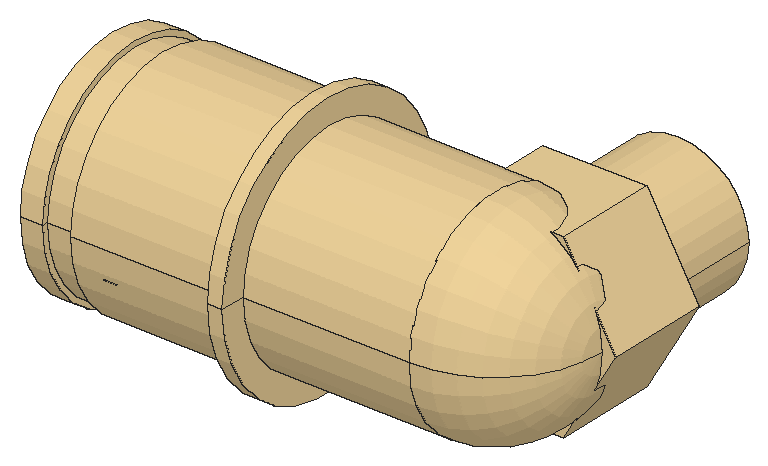
Revit family "ABC-PEX_Фитинг_Колено-штуцер с наружной резьбой", category Соединительные детали трубопроводов, Revit 2019
Family settings
  Размер круглого соединителя = Использовать диаметр
  Тип детали = Отвод
  На основе рабочей плоскости = Нет
  Всегда вертикально = Нет
  При загрузке вырезать с полостями = Нет
  Общий = Да
Parameters
  Таблица выбора = "ABC-PEX_Фитинг_Колено-штуцер с наружной резьбой"  # constant formula
  Материал_Корпус = Латунь
  z1 [instance] = size_lookup(Таблица выбора, "z", 30 mm, DN1, DN2)  # 37 mm
  b [instance] = size_lookup(Таблица выбора, "b", 30 mm, DN1, DN2)  # 37 mm
  a [instance] = size_lookup(Таблица выбора, "a", 30 mm, DN1, DN2)  # 64 mm
  S [instance] = 40 mm
  DN2 [instance] = 25 mm
  DN1 [instance] = 32 mm
  ADSK_Примечание = ""
  ADSK_Наименование [instance] = size_lookup(Таблица выбора, "ADSK_Наименование", "Нет в каталоге", DN1, DN2)  # "Колено-штуцер с наружной резьбой DN32x1\""
  ADSK_Масса [instance] = 0
  ADSK_Марка [instance] = size_lookup(Таблица выбора, "ADSK_Марка", "Нет в каталоге", DN1, DN2)  # "ABC-F-5321"
  ADSK_Завод-изготовитель = "Agpipe"  # constant formula
Reference planes
  plane 1 "По центру (Вперед/Назад)": y = 0
  plane 2: z = 0
  plane 3 "По центру (Влево/Вправо)": x = 0
  plane 4: x = -64
  plane 5: y = 37
  plane 6: x = -37
  plane 7: y = 18.5
Lines and regions (mm)
  reference lines
    curve 1: line (-37, 0, 0) -> (0, 0, 0)
    curve 2: line (0, 0, 0) -> (0, 18.5, 0)
  symbolic lines, detail levels coarse+medium
    curve 3: line (-64, 0, 0) -> (0, 0, 0)
    curve 4: line (0, 0, 0) -> (0, 37, 0)
Dimensions and locks
  "a": plane 4 to plane 3 "По центру (Влево/Вправо)"
  "b": plane 1 "По центру (Вперед/Назад)" to plane 5
  plane 4 to plane 3 "По центру (Влево/Вправо)" = 64 mm
  "z1": plane 6 to plane 3 "По центру (Влево/Вправо)"
  equal spacing: plane 1 "По центру (Вперед/Назад)", plane 7, plane 5
  aligned and locked: level to plane 2
  aligned and locked: plane 7 to curve 2
  aligned and locked: plane 6 to curve 1
  aligned and locked: plane 6 to nested 1
  aligned and locked: nested 2 to plane 3 "По центру (Влево/Вправо)"
  aligned and locked: nested 2 to plane 1 "По центру (Вперед/Назад)"
  aligned and locked: plane 5 to curve 4
  aligned and locked: plane 4 to curve 3
  aligned and locked: plane 3 "По центру (Влево/Вправо)" to curve 3
Automatic sketch dimensions
  plane 1 "По центру (Вперед/Назад)" to curve 1 = 0 mm
  curve 2 to plane 3 "По центру (Влево/Вправо)" = 0 mm
  plane 1 "По центру (Вперед/Назад)" to curve 3 = 0 mm
Nested families
  nested 1: "ABC-PEX_Фитинг_Надвижная гильза" at (-54, 0, 0) x (-1, 0, 0) z (0, 0, 1), DN <- "DN1", type "ABC-PEX_Фитинг_Надвижная гильза", detail levels fine
    with b 41 mm, a 34 mm, DN 32 mm, ADSK_Наименование "Надвижная гильза DN32", ADSK_Масса 0.028, ADSK_Марка "ABC-F-132"
  nested 2: "Колено" at (0, 0, 0) x (0, -1, 0) z (0, 0, 1), DN1 <- "DN1", DN2 <- "DN2", type "Колено", detail levels fine
    with z1 37 mm, b 37 mm, a 64 mm, S 32 mm, DN2 25 mm, DN1 32 mm, ADSK_Наименование "Колено-штуцер с наружной резьбой DN32x1\"", ADSK_Масса 0, ADSK_Марка "ABC-F-5321"
Connectors
  piping at (-37, 0, 0), diameter 32, driven by "DN1"
    settings: on curve 1, index 1, connector inside diameter 609.6 mm, connector length 0 mm, flow factor 0, pipe flow 0.0 L/s, pressure drop 0.0 Pa, fitting loss kfactor 0, connector angle 0.00°, fixture units 0, engagement length 0 mm, angle of deflection 0.00°, flow configuration 0, flow direction 0, fitting loss method 0, system type 28, joint type 0, gender type 0, connector reference index 2, connector utility 0, adjustable connector no, is connector primary yes, connector description ""
  piping at (0, 18.5, 0), diameter 25, driven by "DN2"
    settings: on curve 2, index 2, connector inside diameter 609.6 mm, connector length 0 mm, flow factor 0, pipe flow 0.0 L/s, pressure drop 0.0 Pa, fitting loss kfactor 0, connector angle 90.00°, fixture units 0, engagement length 0 mm, angle of deflection 0.00°, flow configuration 0, flow direction 0, fitting loss method 0, system type 28, joint type 0, gender type 0, connector reference index 1, connector utility 0, adjustable connector no, is connector primary no, connector description ""
Definition of nested family "ABC-PEX_Фитинг_Надвижная гильза"
  Parameters (values of type "ABC-PEX_Фитинг_Надвижная гильза")
    Таблица выбора = "ABC-PEX_Фитинг_Надвижная гильза"  # constant formula
    Маткриал_Корпус = none
    b [instance] = size_lookup(Таблица выбора, "b", 30 mm, DN)  # 24 mm
    a [instance] = size_lookup(Таблица выбора, "a", 30 mm, DN)  # 24 mm
    DN [instance] = 16 mm
    ADSK_Примечание = ""
    ADSK_Наименование [instance] = size_lookup(Таблица выбора, "ADSK_Наименование", "Нет в каталоге", DN)  # "Надвижная гильза DN16"
    ADSK_Масса [instance] = size_lookup(Таблица выбора, "ADSK_Масса", 0, DN)  # 0.008
    ADSK_Марка [instance] = size_lookup(Таблица выбора, "ADSK_Марка", "Нет в каталоге", DN)  # "ABC-F-116"
    ADSK_Завод-изготовитель = "Agpipe"  # constant formula
  Reference planes
    plane 1 "По центру (Вперед/Назад)": y = 0
    plane 2: z = 0
    plane 3 "По центру (Влево/Вправо)": x = 0
    plane 4: y = 12
    plane 5: y = -12
    plane 6: x = -12
    plane 7: x = 12
    plane 8: y = 8
    plane 9: y = -8
  Forms (mm)
    Revolve 1, solid, material <- "Маткриал_Корпус"
      sketch origin (0, 0, 0) x (1, 0, 0) y (0, 1, 0)
        loop
          line (-12, 12) -> (-12, 10) -> (12, 10) -> (12, 12) -> (8, 12) -> (8, 11) -> (3, 11) -> (3, 12) -> (-12, 12)
        axis (-12, 0) -> (12, 0)
      angle from 0 to 360
  Lines and regions (mm)
    reference lines
      curve 1: line (-12, 0, 0) -> (12, 0, 0)
  Dimensions and locks
    equal spacing: plane 4, plane 1 "По центру (Вперед/Назад)", plane 5
    "b": plane 4 to plane 5
    equal spacing: plane 6, plane 3 "По центру (Влево/Вправо)", plane 7
    "a": plane 6 to plane 7
    plane 4 to Revolve 1 sketch curve = 2 mm
    equal spacing: plane 9, plane 1 "По центру (Вперед/Назад)", plane 8
    "DN": plane 9 to plane 8
    Revolve 1 sketch curve to Revolve 1 sketch curve to plane 7 = 5 mm locked, 4 mm locked
    Revolve 1 sketch curve to Revolve 1 sketch curve to plane 4 = 1 mm locked, 1 mm locked
    aligned and locked: level to plane 2
    aligned and locked: plane 1 "По центру (Вперед/Назад)" to Revolve 1 sketch curve
    aligned and locked: plane 4 to Revolve 1 sketch curve
    aligned and locked: Revolve 1 sketch curve to plane 4
    aligned and locked: plane 6 to Revolve 1 sketch curve
    aligned and locked: plane 7 to Revolve 1 sketch curve
    aligned and locked: plane 7 to curve 1
    aligned and locked: plane 6 to curve 1
  Automatic sketch dimensions
    plane 1 "По центру (Вперед/Назад)" to curve 1 = 0 mm
    plane 6 to Revolve 1 sketch curve = 5 mm
    Revolve 1 sketch curve to plane 7 = 4 mm
  Connectors
    piping at (-12, 0, 0), diameter 16, driven by "DN"
      settings: on curve 1, index 1, connector inside diameter 609.6 mm, connector length 0 mm, flow factor 0, pipe flow 0.0 L/s, pressure drop 0.0 Pa, fitting loss kfactor 0, connector angle 0.00°, fixture units 0, engagement length 0 mm, angle of deflection 0.00°, flow configuration 0, flow direction 0, fitting loss method 0, system type 28, joint type 0, gender type 0, connector reference index 2, connector utility 0, adjustable connector no, is connector primary yes, connector description ""
    piping at (12, 0, 0), diameter 16, driven by "DN"
      settings: on curve 1, index 2, connector inside diameter 609.6 mm, connector length 0 mm, flow factor 0, pipe flow 0.0 L/s, pressure drop 0.0 Pa, fitting loss kfactor 0, connector angle 0.00°, fixture units 0, engagement length 0 mm, angle of deflection 0.00°, flow configuration 0, flow direction 0, fitting loss method 0, system type 28, joint type 0, gender type 0, connector reference index 1, connector utility 0, adjustable connector no, is connector primary no, connector description ""
Definition of nested family "Колено"
  Parameters (values of type "Колено")
    Таблица выбора = "ABC-PEX_Фитинг_Колено-штуцер с наружной резьбой"  # constant formula
    Материал_Корпус = none
    z1 [instance] = size_lookup(Таблица выбора, "z", 30 mm, DN1, DN2)  # 37 mm
    b [instance] = size_lookup(Таблица выбора, "b", 30 mm, DN1, DN2)  # 37 mm
    a [instance] = size_lookup(Таблица выбора, "a", 30 mm, DN1, DN2)  # 64 mm
    S [instance] = DN2 + 7 mm  # 32 mm
    DN2 [instance] = 25 mm
    DN1 [instance] = 32 mm
    ADSK_Примечание = ""
    ADSK_Наименование [instance] = size_lookup(Таблица выбора, "ADSK_Наименование", "Нет в каталоге", DN1, DN2)  # "Колено-штуцер с наружной резьбой DN32x1\""
    ADSK_Масса [instance] = 0
    ADSK_Марка [instance] = size_lookup(Таблица выбора, "ADSK_Марка", "Нет в каталоге", DN1, DN2)  # "ABC-F-5321"
    ADSK_Завод-изготовитель = "Agpipe"  # constant formula
  Reference planes
    plane 1 "По центру (Вперед/Назад)": y = 0
    plane 2: z = 0
    plane 3 "По центру (Влево/Вправо)": x = 0
    plane 4: x = -37
    plane 5: y = 37
    plane 6: y = 64
    plane 7: x = -16
    plane 8: x = 16
    plane 9: y = 12.5
    plane 10: y = -12.5
    plane 11: y = 3
    plane 12: y = 12.5
    plane 13: y = -12.5
  Forms (mm)
    Revolve 1, solid, material <- "Материал_Корпус"
      sketch origin (0, 0, 0) x (1, 0, 0) y (0, 1, 0)
        loop
          line (11, 64) -> (11, 37) -> (0, 37) -> (0, -16)
          arc (0, -16) -> (13.435, -10.435) -> (19, 3) r 19
          line (19, 3) -> (19, 32.644) -> (23.531, 32.644) -> (23.531, 35.302) -> (19, 35.302) -> (19, 37) -> (16, 37) -> (16, 64) -> (11, 64)
        axis (0, 64) -> (0, -16)
      angle from 0 to 360
    Revolve 2, solid, material <- "Материал_Корпус"
      sketch origin (0, 0, 0) x (1, 0, 0) y (0, 1, 0)
        loop
          line (-37, 12.5) -> (-37, 9.238) -> (0, 9.238) -> (0, 12.5) -> (-37, 12.5)
        axis (-37, 0) -> (0, 0)
      angle from 0 to 360
    Extrusion 3, solid, material <- "Материал_Корпус"
      sketch origin (0, 0, 0) x (0, 1, 0) y (0, 0, 1)
        loop
          line (-9.238, 16) -> (-18.475, 0) -> (-9.238, -16) -> (9.238, -16) -> (18.475, 0) -> (9.238, 16) -> (-9.238, 16)
      from -18.5 to 0
  Dimensions and locks
    "b": plane 4 to plane 3 "По центру (Влево/Вправо)"
    "z1": plane 1 "По центру (Вперед/Назад)" to plane 5
    "a": plane 1 "По центру (Вперед/Назад)" to plane 6
    equal spacing: plane 7, plane 3 "По центру (Влево/Вправо)", plane 8
    "DN1": plane 7 to plane 8
    equal spacing: plane 9, plane 1 "По центру (Вперед/Назад)", plane 10
    "DN2": plane 9 to plane 10
    locked: plane 8 to Revolve 1 sketch curve at 3
    equal spacing: plane 12, plane 1 "По центру (Вперед/Назад)", plane 13
    "DN2": plane 12 to plane 13
    locked: plane 1 "По центру (Вперед/Назад)" to plane 11 at 3
    equal spacing: Extrusion 3 sketch curve, plane 1 "По центру (Вперед/Назад)", Extrusion 3 sketch curve  (x2)
    "S": Extrusion 3 sketch curve to Extrusion 3 sketch curve  (x3)
    equal spacing: Extrusion 3 sketch curve, level, Extrusion 3 sketch curve
    equal spacing: plane 4, Extrusion 3, plane 3 "По центру (Влево/Вправо)"
    locked: Revolve 1 sketch curve to plane 8 at 5
    locked: plane 12 to Revolve 2 sketch curve at 3.262
    locked: Extrusion 3 sketch curve to Extrusion 3 sketch curve (angle 120.00°)  (x3)
    aligned and locked: level to plane 2
    aligned and locked: Revolve 1 sketch curve to Revolve 1 sketch curve
    aligned and locked: Revolve 1 sketch curve to plane 8
    aligned and locked: plane 11 to Revolve 1 sketch curve
    aligned and locked: plane 3 "По центру (Влево/Вправо)" to Revolve 1 sketch curve
    aligned and locked: Revolve 1 sketch curve to plane 3 "По центру (Влево/Вправо)"
    aligned and locked: Revolve 2 sketch curve to plane 12
    aligned and locked: Revolve 2 sketch curve to plane 3 "По центру (Влево/Вправо)"
    aligned and locked: plane 4 to Revolve 2 sketch curve
    aligned and locked: plane 3 "По центру (Влево/Вправо)" to Extrusion 3
  Automatic sketch dimensions
    Revolve 1 sketch curve to plane 3 "По центру (Влево/Вправо)" = 0 mm
    plane 5 to Revolve 1 sketch curve = 0 mm  (x2)
    plane 6 to Revolve 1 sketch curve = 0 mm
    plane 5 to Revolve 1 sketch curve = 1.698 mm
    Revolve 1 sketch curve to Revolve 1 sketch curve = 4.531 mm
    Revolve 1 sketch curve to Revolve 1 sketch curve = 2.658 mm
    plane 9 to Revolve 1 sketch curve = 6.5 mm
    plane 6 to Revolve 1 sketch curve = 10 mm
    plane 1 "По центру (Вперед/Назад)" to Revolve 2 sketch curve = 0 mm
    Revolve 2 sketch curve to plane 4 = 0 mm
    Revolve 2 sketch curve to plane 4 = 15 mm
    plane 3 "По центру (Влево/Вправо)" to Revolve 2 sketch curve = 8 mm
